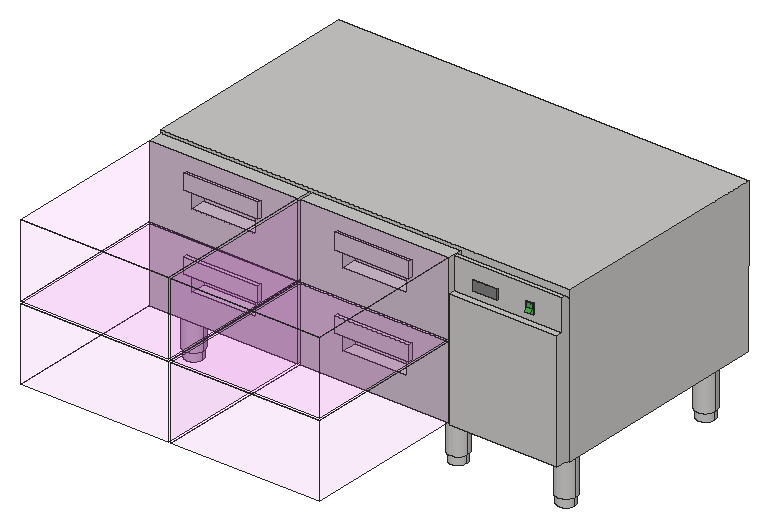
Revit family "QF_ELECTROLUXPROFESSIONAL_371295_E7TTBECOMIN", category Specialty Equipment, Revit 2023 (continued)
Lines and regions (mm)
  Split face 143
    outline origin (727.396, -348, 92.29) x (0, 0, -1) y (1, 0, 0)
      loop
        line (-85.004, -234.4) -> (-117.004, -234.4)
        arc (-117.004, -234.4) -> (-121.004, -238.41) -> (-116.984, -242.399) r 4
        line (-116.984, -242.399) -> (-85.025, -242.399)
  Split face 144
    outline origin (739.396, -348, 92.29) x (0, 0, -1) y (1, 0, 0)
      loop
        arc (-85.025, -242.399) -> (-81.004, -238.41) -> (-85.004, -234.4) r 4
        line (-85.004, -234.4) -> (-117.004, -234.4)
        arc (-117.004, -234.4) -> (-121.004, -238.41) -> (-116.984, -242.399) r 4
        line (-116.984, -242.399) -> (-85.025, -242.399)
  Split face 145
    outline origin (751.396, -348, 92.29) x (0, 0, -1) y (1, 0, 0)
      loop
        arc (-85.025, -242.399) -> (-81.004, -238.41) -> (-85.004, -234.4) r 4
        line (-85.004, -234.4) -> (-117.004, -234.4)
        arc (-117.004, -234.4) -> (-121.004, -238.41) -> (-116.984, -242.399) r 4
        line (-116.984, -242.399) -> (-85.025, -242.399)
  Split face 146
    outline origin (763.396, -348, 92.29) x (0, 0, -1) y (1, 0, 0)
      loop
        arc (-85.025, -242.399) -> (-81.004, -238.41) -> (-85.004, -234.4) r 4
        line (-85.004, -234.4) -> (-117.004, -234.4)
        arc (-117.004, -234.4) -> (-121.004, -238.41) -> (-116.984, -242.399) r 4
        line (-116.984, -242.399) -> (-85.025, -242.399)
  Split face 147
    outline origin (775.396, -348, 92.29) x (0, 0, -1) y (1, 0, 0)
      loop
        arc (-85.025, -242.399) -> (-81.004, -238.41) -> (-85.004, -234.4) r 4
        line (-85.004, -234.4) -> (-117.004, -234.4)
        arc (-117.004, -234.4) -> (-121.004, -238.41) -> (-116.984, -242.399) r 4
        line (-116.984, -242.399) -> (-85.025, -242.399)
  Split face 148
    outline origin (787.396, -348, 92.29) x (0, 0, -1) y (1, 0, 0)
      loop
        arc (-85.025, -242.399) -> (-81.004, -238.41) -> (-85.004, -234.4) r 4
        line (-85.004, -234.4) -> (-117.004, -234.4)
        arc (-117.004, -234.4) -> (-121.004, -238.41) -> (-116.984, -242.399) r 4
        line (-116.984, -242.399) -> (-85.025, -242.399)
  Split face 149
    outline origin (799.396, -348, 92.29) x (0, 0, -1) y (1, 0, 0)
      loop
        arc (-85.025, -242.399) -> (-81.004, -238.41) -> (-85.004, -234.4) r 4
        line (-85.004, -234.4) -> (-117.004, -234.4)
        arc (-117.004, -234.4) -> (-121.004, -238.41) -> (-116.984, -242.399) r 4
        line (-116.984, -242.399) -> (-85.025, -242.399)
  Split face 150
    outline origin (811.396, -348, 92.29) x (0, 0, -1) y (1, 0, 0)
      loop
        arc (-85.025, -242.399) -> (-81.004, -238.41) -> (-85.004, -234.4) r 4
        line (-85.004, -234.4) -> (-117.004, -234.4)
        arc (-117.004, -234.4) -> (-121.004, -238.41) -> (-116.984, -242.399) r 4
        line (-116.984, -242.399) -> (-85.025, -242.399)
  Split face 151
    outline origin (588.5, -348, 92.29) x (0, 0, -1) y (1, 0, 0)
      loop
        arc (-85.025, -282.599) -> (-81.004, -278.61) -> (-85.004, -274.599) r 4
        line (-85.004, -274.599) -> (-117.004, -274.599)
        arc (-117.004, -274.599) -> (-121.004, -278.61) -> (-116.984, -282.599) r 4
        line (-116.984, -282.599) -> (-85.025, -282.599)
  Split face 152
    outline origin (708.396, -348, 362.291) x (0, 0, -1) y (1, 0, 0)
      loop
        arc (-85.025, -282.599) -> (-81.004, -278.61) -> (-85.004, -274.599) r 4
        line (-85.004, -274.599) -> (-117.004, -274.599)
        arc (-117.004, -274.599) -> (-121.004, -278.61) -> (-116.984, -282.599) r 4
        line (-116.984, -282.599) -> (-85.025, -282.599)
  Split face 153
    outline origin (720.397, -348, 362.291) x (0, 0, -1) y (1, 0, 0)
      loop
        arc (-85.025, -282.599) -> (-81.004, -278.61) -> (-85.004, -274.599) r 4
        line (-85.004, -274.599) -> (-117.004, -274.599)
        arc (-117.004, -274.599) -> (-121.004, -278.61) -> (-116.984, -282.599) r 4
        line (-116.984, -282.599) -> (-85.025, -282.599)
  Split face 154
    outline origin (732.396, -348, 362.291) x (0, 0, -1) y (1, 0, 0)
      loop
        arc (-85.025, -282.599) -> (-81.004, -278.61) -> (-85.004, -274.599) r 4
        line (-85.004, -274.599) -> (-117.004, -274.599)
        arc (-117.004, -274.599) -> (-121.004, -278.61) -> (-116.984, -282.599) r 4
        line (-116.984, -282.599) -> (-85.025, -282.599)
  Split face 155
    outline origin (708.396, -348, 317.29) x (0, 0, -1) y (1, 0, 0)
      loop
        arc (-85.025, -282.599) -> (-81.004, -278.61) -> (-85.004, -274.599) r 4
        line (-85.004, -274.599) -> (-117.004, -274.599)
        arc (-117.004, -274.599) -> (-121.004, -278.61) -> (-116.984, -282.599) r 4
        line (-116.984, -282.599) -> (-85.025, -282.599)
  Split face 156
    outline origin (720.397, -348, 317.29) x (0, 0, -1) y (1, 0, 0)
      loop
        arc (-85.025, -282.599) -> (-81.004, -278.61) -> (-85.004, -274.599) r 4
        line (-85.004, -274.599) -> (-117.004, -274.599)
        arc (-117.004, -274.599) -> (-121.004, -278.61) -> (-116.984, -282.599) r 4
        line (-116.984, -282.599) -> (-85.025, -282.599)
  Split face 157
    outline origin (732.396, -348, 317.29) x (0, 0, -1) y (1, 0, 0)
      loop
        arc (-85.025, -282.599) -> (-81.004, -278.61) -> (-85.004, -274.599) r 4
        line (-85.004, -274.599) -> (-117.004, -274.599)
        arc (-117.004, -274.599) -> (-121.004, -278.61) -> (-116.984, -282.599) r 4
        line (-116.984, -282.599) -> (-85.025, -282.599)
  Split face 158
    outline origin (708.396, -348, 272.29) x (0, 0, -1) y (1, 0, 0)
      loop
        arc (-85.025, -282.599) -> (-81.004, -278.61) -> (-85.004, -274.599) r 4
        line (-85.004, -274.599) -> (-117.004, -274.599)
        arc (-117.004, -274.599) -> (-121.004, -278.61) -> (-116.984, -282.599) r 4
        line (-116.984, -282.599) -> (-85.025, -282.599)
  Split face 159
    outline origin (720.397, -348, 272.29) x (0, 0, -1) y (1, 0, 0)
      loop
        arc (-85.025, -282.599) -> (-81.004, -278.61) -> (-85.004, -274.599) r 4
        line (-85.004, -274.599) -> (-117.004, -274.599)
        arc (-117.004, -274.599) -> (-121.004, -278.61) -> (-116.984, -282.599) r 4
        line (-116.984, -282.599) -> (-85.025, -282.599)
  Split face 160
    outline origin (732.396, -348, 272.29) x (0, 0, -1) y (1, 0, 0)
      loop
        arc (-85.025, -282.599) -> (-81.004, -278.61) -> (-85.004, -274.599) r 4
        line (-85.004, -274.599) -> (-117.004, -274.599)
        arc (-117.004, -274.599) -> (-121.004, -278.61) -> (-116.984, -282.599) r 4
        line (-116.984, -282.599) -> (-85.025, -282.599)
  Split face 161
    outline origin (708.396, -348, 227.29) x (0, 0, -1) y (1, 0, 0)
      loop
        arc (-85.025, -282.599) -> (-81.004, -278.61) -> (-85.004, -274.599) r 4
        line (-85.004, -274.599) -> (-117.004, -274.599)
        arc (-117.004, -274.599) -> (-121.004, -278.61) -> (-116.984, -282.599) r 4
        line (-116.984, -282.599) -> (-85.025, -282.599)
  Split face 162
    outline origin (720.397, -348, 227.29) x (0, 0, -1) y (1, 0, 0)
      loop
        arc (-85.025, -282.599) -> (-81.004, -278.61) -> (-85.004, -274.599) r 4
        line (-85.004, -274.599) -> (-117.004, -274.599)
        arc (-117.004, -274.599) -> (-121.004, -278.61) -> (-116.984, -282.599) r 4
        line (-116.984, -282.599) -> (-85.025, -282.599)
  Split face 163
    outline origin (732.396, -348, 227.29) x (0, 0, -1) y (1, 0, 0)
      loop
        arc (-85.025, -282.599) -> (-81.004, -278.61) -> (-85.004, -274.599) r 4
        line (-85.004, -274.599) -> (-117.004, -274.599)
        arc (-117.004, -274.599) -> (-121.004, -278.61) -> (-116.984, -282.599) r 4
        line (-116.984, -282.599) -> (-85.025, -282.599)
  Split face 164
    outline origin (708.396, -348, 182.29) x (0, 0, -1) y (1, 0, 0)
      loop
        arc (-85.025, -282.599) -> (-81.004, -278.61) -> (-85.004, -274.599) r 4
        line (-85.004, -274.599) -> (-117.004, -274.599)
        arc (-117.004, -274.599) -> (-121.004, -278.61) -> (-116.984, -282.599) r 4
        line (-116.984, -282.599) -> (-85.025, -282.599)
  Split face 165
    outline origin (720.397, -348, 182.29) x (0, 0, -1) y (1, 0, 0)
      loop
        arc (-85.025, -282.599) -> (-81.004, -278.61) -> (-85.004, -274.599) r 4
        line (-85.004, -274.599) -> (-117.004, -274.599)
        arc (-117.004, -274.599) -> (-121.004, -278.61) -> (-116.984, -282.599) r 4
        line (-116.984, -282.599) -> (-85.025, -282.599)
  Split face 166
    outline origin (732.396, -348, 182.29) x (0, 0, -1) y (1, 0, 0)
      loop
        arc (-85.025, -282.599) -> (-81.004, -278.61) -> (-85.004, -274.599) r 4
        line (-85.004, -274.599) -> (-117.004, -274.599)
        arc (-117.004, -274.599) -> (-121.004, -278.61) -> (-116.984, -282.599) r 4
        line (-116.984, -282.599) -> (-85.025, -282.599)
  Split face 167
    outline origin (708.396, -348, 137.29) x (0, 0, -1) y (1, 0, 0)
      loop
        arc (-85.025, -282.599) -> (-81.004, -278.61) -> (-85.004, -274.599) r 4
        line (-85.004, -274.599) -> (-117.004, -274.599)
        arc (-117.004, -274.599) -> (-121.004, -278.61) -> (-116.984, -282.599) r 4
        line (-116.984, -282.599) -> (-85.025, -282.599)
  Split face 168
    outline origin (720.397, -348, 137.29) x (0, 0, -1) y (1, 0, 0)
      loop
        arc (-85.025, -282.599) -> (-81.004, -278.61) -> (-85.004, -274.599) r 4
        line (-85.004, -274.599) -> (-117.004, -274.599)
        arc (-117.004, -274.599) -> (-121.004, -278.61) -> (-116.984, -282.599) r 4
        line (-116.984, -282.599) -> (-85.025, -282.599)
  Split face 169
    outline origin (732.396, -348, 137.29) x (0, 0, -1) y (1, 0, 0)
      loop
        arc (-85.025, -282.599) -> (-81.004, -278.61) -> (-85.004, -274.599) r 4
        line (-85.004, -274.599) -> (-117.004, -274.599)
        arc (-117.004, -274.599) -> (-121.004, -278.61) -> (-116.984, -282.599) r 4
        line (-116.984, -282.599) -> (-85.025, -282.599)
  Split face 170
    outline origin (708.396, -348, 92.29) x (0, 0, -1) y (1, 0, 0)
      loop
        arc (-85.025, -282.599) -> (-81.004, -278.61) -> (-85.004, -274.599) r 4
        line (-85.004, -274.599) -> (-117.004, -274.599)
        arc (-117.004, -274.599) -> (-121.004, -278.61) -> (-116.984, -282.599) r 4
        line (-116.984, -282.599) -> (-85.025, -282.599)
  Split face 171
    outline origin (720.397, -348, 92.29) x (0, 0, -1) y (1, 0, 0)
      loop
        arc (-85.025, -282.599) -> (-81.004, -278.61) -> (-85.004, -274.599) r 4
        line (-85.004, -274.599) -> (-117.004, -274.599)
        arc (-117.004, -274.599) -> (-121.004, -278.61) -> (-116.984, -282.599) r 4
        line (-116.984, -282.599) -> (-85.025, -282.599)
  Split face 172
    outline origin (732.396, -348, 92.29) x (0, 0, -1) y (1, 0, 0)
      loop
        arc (-85.025, -282.599) -> (-81.004, -278.61) -> (-85.004, -274.599) r 4
        line (-85.004, -274.599) -> (-117.004, -274.599)
        arc (-117.004, -274.599) -> (-121.004, -278.61) -> (-116.984, -282.599) r 4
        line (-116.984, -282.599) -> (-85.025, -282.599)
  symbolic lines, style "SpecialityEquipmentHiddenLines"
    curve 1: line (-599, 350, 0) -> (599, 350, 0)
    curve 2: line (-599, -348, 0) -> (-599, 350, 0)
    curve 3: line (599, -348, 0) -> (-599, -348, 0)
    curve 4: line (599, 350, 0) -> (599, -348, 0)
    curve 17: line (-599, -303, 0) -> (599, -303, 0)
  symbolic lines, style "QF_Door-Drawer Clearances"
    curve 5: line (-575, -348, 0) -> (-575, -473, 0)
    curve 6: line (-180.999, -473, 0) -> (-180.999, -348, 0)
    curve 7: line (-132.499, -348, 0) -> (-132.499, -473, 0)
    curve 8: line (261.502, -473, 0) -> (261.502, -348, 0)
    curve 9: line (-595, -473, 0) -> (-160.999, -473, 0)
    curve 10: line (-152.499, -473, 0) -> (281.502, -473, 0)
    curve 11: line (-595, -513, 0) -> (-160.999, -513, 0)
    curve 12: line (-152.499, -513, 0) -> (281.502, -513, 0)
    curve 13: line (-160.999, -513, 0) -> (-160.999, -473, 0)
    curve 14: line (-152.499, -473, 0) -> (-152.499, -513, 0)
    curve 15: line (-595, -473, 0) -> (-595, -513, 0)
    curve 16: line (281.502, -513, 0) -> (281.502, -473, 0)
    curve 18: line (-575, -513, 0) -> (-575, -638, 0)
    curve 19: line (-180.999, -638, 0) -> (-180.999, -513, 0)
    curve 20: line (-132.499, -513, 0) -> (-132.499, -638, 0)
    curve 21: line (261.502, -638, 0) -> (261.502, -513, 0)
    curve 22: line (-595, -638, 0) -> (-160.999, -638, 0)
    curve 23: line (-152.499, -638, 0) -> (281.502, -638, 0)
    curve 24: line (-595, -678, 0) -> (-160.999, -678, 0)
    curve 25: line (-152.499, -678, 0) -> (281.502, -678, 0)
    curve 26: line (-160.999, -678, 0) -> (-160.999, -638, 0)
    curve 27: line (-152.499, -638, 0) -> (-152.499, -678, 0)
    curve 28: line (-595, -638, 0) -> (-595, -678, 0)
    curve 29: line (281.502, -678, 0) -> (281.502, -638, 0)
Dimensions and locks
  equal spacing: plane 6 "LEFT", plane 3 "Centro (Sinistra/Destra)", plane 7 "RIGHT"
  plane 6 "LEFT" to plane 7 "RIGHT" = 1200 mm
  equal spacing: plane 4 "BACK", plane 1 "Center X", plane 5 "FRONT"
  plane 4 "BACK" to plane 5 "FRONT" = 700 mm
  locked: plane 4 "BACK" to plane 8 at 653
  locked: plane 8 to plane 9 at 45
  locked: plane 6 "LEFT" to plane 10 at 55
  locked: plane 11 to plane 7 "RIGHT" at 55
  locked: plane 10 to plane 12 at 774
  locked: plane 4 "BACK" to plane 13 at 88
  locked: plane 14 to plane 9 at 99
  locked: plane 17 to plane 7 "RIGHT" at 1
  locked: plane 6 "LEFT" to plane 16 at 1
  plane 17 to plane 15 = 313 mm
  locked: plane 4 "BACK" to plane 18 at 160
  plane 19 to plane 7 "RIGHT" = 42 mm
  aligned and locked: level to plane 2
  aligned and locked: plane 10 to nested 1
  aligned and locked: nested 1 to plane 14
  aligned and locked: nested 2 to plane 13
  aligned and locked: plane 12 to nested 3
  aligned and locked: nested 4 to plane 12
  aligned and locked: plane 11 to nested 5
  aligned and locked: nested 6 to plane 11
  aligned and locked: Extrusion 1 sketch curve to plane 4 "BACK"
  aligned and locked: plane 8 to Extrusion 1 sketch curve
  aligned and locked: plane 17 to Extrusion 1
Automatic sketch dimensions
  curve 1 to plane 4 "BACK" = 0 mm
  curve 1 to plane 16 = 0 mm
  curve 5 to plane 9 = 0 mm
  curve 3 to plane 17 = 0 mm
  curve 17 to plane 8 = 0 mm
  plane 16 to curve 24 = 4 mm
  plane 16 to curve 15 = 4 mm
  curve 24 to plane 3 "Centro (Sinistra/Destra)" = 160.999 mm
  curve 13 to curve 22 = 0 mm
  curve 9 to curve 14 = 8.5 mm
  curve 24 to curve 25 = 8.5 mm
  curve 23 to plane 15 = 4.498 mm
  curve 16 to plane 15 = 4.498 mm
  curve 9 to plane 5 "FRONT" = 123 mm
  curve 9 to curve 10 = 0 mm
  curve 16 to curve 10 = 40 mm
  curve 15 to curve 9 = 40 mm
  curve 22 to curve 11 = 125 mm
  curve 22 to curve 23 = 0 mm
  curve 26 to curve 22 = 40 mm
  curve 25 to curve 23 = 40 mm
  curve 2 to curve 5 = 24 mm
  curve 11 to curve 18 = 20 mm
  curve 19 to curve 22 = 20 mm
  curve 6 to curve 9 = 20 mm
  curve 12 to curve 20 = 20 mm
  curve 10 to curve 7 = 20 mm
  curve 8 to plane 15 = 24.498 mm
  curve 21 to curve 23 = 20 mm
  Extrusion 1 sketch curve to plane 17 = 0 mm
  Extrusion 1 sketch curve to plane 16 = 0 mm
  Extrusion 2 sketch curve to plane 18 = 0 mm
  Extrusion 2 sketch curve to plane 19 = 0 mm
  plane 16 to Extrusion 3 sketch curve = 4 mm
  Extrusion 3 sketch curve to plane 21 = 45 mm
  Extrusion 3 sketch curve to plane 3 "Centro (Sinistra/Destra)" = 160.999 mm
  Extrusion 4 sketch curve to plane 21 = 45 mm
  Extrusion 4 sketch curve to plane 3 "Centro (Sinistra/Destra)" = 152.999 mm
  Extrusion 4 sketch curve to plane 15 = 4.998 mm
  plane 16 to Extrusion 5 sketch curve = 4 mm
  Extrusion 5 sketch curve to plane 3 "Centro (Sinistra/Destra)" = 160.999 mm
  Extrusion 5 sketch curve to plane 21 = 50 mm
  Extrusion 6 sketch curve to plane 3 "Centro (Sinistra/Destra)" = 152.999 mm
  Extrusion 6 sketch curve to plane 15 = 4.998 mm
  Extrusion 6 sketch curve to plane 21 = 50 mm
  Extrusion 7 sketch curve to plane 21 = 45 mm
  Extrusion 7 sketch curve to plane 3 "Centro (Sinistra/Destra)" = 160.999 mm
  plane 22 to Extrusion 7 sketch curve = 29.206 mm
  Extrusion 7 sketch curve to Extrusion 7 sketch curve = 123.7 mm
  plane 10 to Extrusion 7 sketch curve = 73.7 mm
  plane 16 to Extrusion 7 sketch curve = 4 mm
  Extrusion 7 sketch curve to Extrusion 7 sketch curve = 78.294 mm
  Extrusion 8 sketch curve to plane 9 = 0 mm
  Extrusion 8 sketch curve to plane 8 = 0 mm
  plane 9 to Extrusion 8 sketch curve = 16.901 mm
  Extrusion 8 sketch curve to Extrusion 8 sketch curve = 11.336 mm
  Extrusion 8 sketch curve to plane 8 = 15.163 mm
  Extrusion 8 sketch curve to plane 8 = 5.442 mm
  Extrusion 8 sketch curve to Extrusion 8 sketch curve = 4.796 mm
  plane 22 to Extrusion 8 sketch curve = 72.296 mm
  Extrusion 8 sketch curve to Extrusion 8 sketch curve = 11.467 mm
  Extrusion 8 to Extrusion 9 sketch curve = 42.198 mm
  Extrusion 9 sketch curve to Extrusion 8 = 20 mm
  Extrusion 8 to Extrusion 9 sketch curve = 102.899 mm
  Extrusion 9 sketch curve to Extrusion 9 sketch curve = 22 mm
  Extrusion 8 to Extrusion 10 sketch curve = 42.198 mm
  Extrusion 10 sketch curve to Extrusion 8 = 20 mm
  Extrusion 8 to Extrusion 10 sketch curve = 54.901 mm
  Extrusion 10 sketch curve to Extrusion 10 sketch curve = 70 mm
  Split face 1 sketch curve to Extrusion 10 = 5 mm
  Split face 1 sketch curve to Extrusion 10 = 9 mm
  Split face 1 sketch curve to Extrusion 10 = 10 mm  (x2)
  Split face 2 sketch curve to Extrusion 10 = 12.5 mm
  Split face 2 sketch curve to Extrusion 10 = 7 mm
  Split face 3 sketch curve to Extrusion 10 = 7.5 mm
  Split face 3 sketch curve to Extrusion 10 = 7 mm
  Split face 4 sketch curve to Extrusion 10 = 11.5 mm
  Split face 4 sketch curve to Extrusion 10 = 7 mm
  Split face 5 sketch curve to Extrusion 10 = 7.5 mm
  Split face 5 sketch curve to Extrusion 10 = 7 mm
  Split face 6 sketch curve to Extrusion 10 = 12.5 mm
  Split face 6 sketch curve to Extrusion 10 = 7 mm
  Split face 7 sketch curve to Extrusion 10 = 11.5 mm
  Split face 7 sketch curve to Extrusion 10 = 7 mm
  Split face 8 sketch curve to Extrusion 10 = 7.047 mm
  Split face 8 sketch curve to Extrusion 10 = 2.047 mm
  Split face 8 sketch curve to Extrusion 10 = 10 mm
  Split face 8 sketch curve to Split face 8 sketch curve = 11 mm
  Split face 9 sketch curve to Extrusion 10 = 7.047 mm
  Split face 9 sketch curve to Extrusion 10 = 2.047 mm
  Split face 9 sketch curve to Extrusion 10 = 23 mm
  Split face 9 sketch curve to Split face 9 sketch curve = 11 mm
  Split face 10 sketch curve to Extrusion 10 = 7.047 mm
  Split face 10 sketch curve to Extrusion 10 = 2.047 mm
  Split face 10 sketch curve to Extrusion 10 = 34 mm
  Split face 10 sketch curve to Split face 10 sketch curve = 11 mm
  Split face 11 sketch curve to Extrusion 10 = 7.047 mm
  Split face 11 sketch curve to Extrusion 10 = 2.047 mm
  Split face 11 sketch curve to Extrusion 10 = 21 mm
  Split face 11 sketch curve to Extrusion 10 = 10 mm
  Extrusion 11 sketch curve to Extrusion 11 sketch curve = 0 mm  (x3)
  Extrusion 11 sketch curve to Extrusion 9 = 0 mm
  Extrusion 9 to Extrusion 11 sketch curve = 2.279 mm
  Extrusion 11 sketch curve to Extrusion 11 sketch curve = 0.116 mm
  Extrusion 11 sketch curve to Extrusion 11 sketch curve = 12.105 mm
  Extrusion 9 to Extrusion 11 sketch curve = 3.692 mm
  Extrusion 9 to Extrusion 11 sketch curve = 2.395 mm
  Split face 12 sketch curve to Extrusion 8 = 20.5 mm
  Split face 12 sketch curve to Split face 12 sketch curve = 0.02 mm  (x2)
  Split face 12 sketch curve to Split face 12 sketch curve = 31.959 mm
  Split face 12 sketch curve to Extrusion 8 = 32.901 mm
  Split face 12 sketch curve to Split face 12 sketch curve = 4 mm
  Split face 13 sketch curve to Extrusion 8 = 20.5 mm
  Split face 13 sketch curve to Split face 13 sketch curve = 0.02 mm  (x2)
  Split face 13 sketch curve to Split face 13 sketch curve = 31.959 mm
  Split face 13 sketch curve to Extrusion 8 = 44.9 mm
  Split face 13 sketch curve to Split face 13 sketch curve = 4 mm
  Split face 14 sketch curve to Extrusion 8 = 20.5 mm
  Split face 14 sketch curve to Split face 14 sketch curve = 0.02 mm  (x2)
  Split face 14 sketch curve to Split face 14 sketch curve = 31.959 mm
  Split face 14 sketch curve to Extrusion 8 = 56.9 mm
  Split face 14 sketch curve to Split face 14 sketch curve = 4 mm
  Split face 15 sketch curve to Extrusion 8 = 20.5 mm
  Split face 15 sketch curve to Split face 15 sketch curve = 0.02 mm  (x2)
  Split face 15 sketch curve to Split face 15 sketch curve = 31.959 mm
  Split face 15 sketch curve to Extrusion 8 = 68.797 mm
  Split face 15 sketch curve to Split face 15 sketch curve = 4 mm
  Split face 16 sketch curve to Extrusion 8 = 20.5 mm
  Split face 16 sketch curve to Split face 16 sketch curve = 0.02 mm  (x2)
  Split face 16 sketch curve to Split face 16 sketch curve = 31.959 mm
  Split face 16 sketch curve to Extrusion 8 = 80.797 mm
  Split face 16 sketch curve to Split face 16 sketch curve = 4 mm
  Split face 17 sketch curve to Extrusion 8 = 20.5 mm
  Split face 17 sketch curve to Split face 17 sketch curve = 0.02 mm  (x2)
  Split face 17 sketch curve to Split face 17 sketch curve = 31.959 mm
  Split face 17 sketch curve to Extrusion 8 = 92.797 mm
  Split face 17 sketch curve to Split face 17 sketch curve = 4 mm
  Split face 18 sketch curve to Extrusion 8 = 20.5 mm
  Split face 18 sketch curve to Split face 18 sketch curve = 0.02 mm  (x2)
  Split face 18 sketch curve to Split face 18 sketch curve = 31.959 mm
  Split face 18 sketch curve to Extrusion 8 = 104.797 mm
  Split face 18 sketch curve to Split face 18 sketch curve = 4 mm
  Split face 19 sketch curve to Extrusion 8 = 20.5 mm
  Split face 19 sketch curve to Split face 19 sketch curve = 0.02 mm  (x2)
  Split face 19 sketch curve to Split face 19 sketch curve = 31.959 mm
  Split face 19 sketch curve to Extrusion 8 = 116.797 mm
  Split face 19 sketch curve to Split face 19 sketch curve = 4 mm
  Split face 20 sketch curve to Extrusion 8 = 20.5 mm
  Split face 20 sketch curve to Split face 20 sketch curve = 0.02 mm  (x2)
  Split face 20 sketch curve to Split face 20 sketch curve = 31.959 mm
  Split face 20 sketch curve to Extrusion 8 = 128.797 mm
  Split face 20 sketch curve to Split face 20 sketch curve = 4 mm
  Split face 21 sketch curve to Extrusion 8 = 20.5 mm
  Split face 21 sketch curve to Split face 21 sketch curve = 0.02 mm  (x2)
  Split face 21 sketch curve to Split face 21 sketch curve = 31.959 mm
  Split face 21 sketch curve to Extrusion 8 = 137.003 mm
  Split face 21 sketch curve to Split face 21 sketch curve = 4 mm
  Split face 22 sketch curve to Extrusion 8 = 20.5 mm
  Split face 22 sketch curve to Split face 22 sketch curve = 0.02 mm  (x2)
  Split face 22 sketch curve to Split face 22 sketch curve = 31.959 mm
  Split face 22 sketch curve to Extrusion 8 = 125.004 mm
  Split face 22 sketch curve to Split face 22 sketch curve = 4 mm
  Split face 23 sketch curve to Extrusion 8 = 20.5 mm
  Split face 23 sketch curve to Split face 23 sketch curve = 0.02 mm  (x2)
  Split face 23 sketch curve to Split face 23 sketch curve = 31.959 mm
  Split face 23 sketch curve to Extrusion 8 = 113.003 mm
  Split face 23 sketch curve to Split face 23 sketch curve = 4 mm
  Split face 24 sketch curve to Extrusion 8 = 20.5 mm
  Split face 24 sketch curve to Split face 24 sketch curve = 0.02 mm  (x2)
  Split face 24 sketch curve to Split face 24 sketch curve = 31.959 mm
  Split face 24 sketch curve to Extrusion 8 = 101.003 mm
  Split face 24 sketch curve to Split face 24 sketch curve = 4 mm
  Split face 25 sketch curve to Extrusion 8 = 20.5 mm
  Split face 25 sketch curve to Split face 25 sketch curve = 0.02 mm  (x2)
  Split face 25 sketch curve to Split face 25 sketch curve = 31.959 mm
  Split face 25 sketch curve to Extrusion 8 = 89.003 mm
  Split face 25 sketch curve to Split face 25 sketch curve = 4 mm
  Split face 26 sketch curve to Extrusion 8 = 20.5 mm
  Split face 26 sketch curve to Split face 26 sketch curve = 0.02 mm  (x2)
  Split face 26 sketch curve to Split face 26 sketch curve = 31.959 mm
  Split face 26 sketch curve to Extrusion 8 = 77.004 mm
  Split face 26 sketch curve to Split face 26 sketch curve = 4 mm
  Split face 27 sketch curve to Extrusion 8 = 20.5 mm
  Split face 27 sketch curve to Split face 27 sketch curve = 0.02 mm  (x2)
  Split face 27 sketch curve to Split face 27 sketch curve = 31.959 mm
  Split face 27 sketch curve to Extrusion 8 = 65.003 mm
  Split face 27 sketch curve to Split face 27 sketch curve = 4 mm
  Split face 28 sketch curve to Extrusion 8 = 20.5 mm
  Split face 28 sketch curve to Split face 28 sketch curve = 0.02 mm  (x2)
  Split face 28 sketch curve to Split face 28 sketch curve = 31.959 mm
  Split face 28 sketch curve to Extrusion 8 = 53.004 mm
  Split face 28 sketch curve to Split face 28 sketch curve = 4 mm
  Split face 29 sketch curve to Extrusion 8 = 20.5 mm
  Split face 29 sketch curve to Split face 29 sketch curve = 0.02 mm  (x2)
  Split face 29 sketch curve to Split face 29 sketch curve = 31.959 mm
  Split face 29 sketch curve to Extrusion 8 = 41.004 mm
  Split face 29 sketch curve to Split face 29 sketch curve = 4 mm
  Split face 30 sketch curve to Extrusion 8 = 20.5 mm
  Split face 30 sketch curve to Split face 30 sketch curve = 0.02 mm  (x2)
  Split face 30 sketch curve to Split face 30 sketch curve = 31.959 mm
  Split face 30 sketch curve to Extrusion 8 = 29.004 mm
  Split face 30 sketch curve to Split face 30 sketch curve = 4 mm
  Split face 31 sketch curve to Extrusion 8 = 20.5 mm
  Split face 31 sketch curve to Split face 31 sketch curve = 0.02 mm  (x2)
  Split face 31 sketch curve to Split face 31 sketch curve = 31.959 mm
  Split face 31 sketch curve to Extrusion 8 = 20.901 mm
  Split face 31 sketch curve to Split face 31 sketch curve = 4 mm
  Split face 32 sketch curve to Extrusion 8 = 65.502 mm
  Split face 32 sketch curve to Split face 32 sketch curve = 0.02 mm  (x2)
  Split face 32 sketch curve to Split face 32 sketch curve = 31.959 mm
  Split face 32 sketch curve to Extrusion 8 = 32.901 mm
  Split face 32 sketch curve to Split face 32 sketch curve = 4 mm
  Split face 33 sketch curve to Extrusion 8 = 65.502 mm
  Split face 33 sketch curve to Split face 33 sketch curve = 0.02 mm  (x2)
  Split face 33 sketch curve to Split face 33 sketch curve = 31.959 mm
  Split face 33 sketch curve to Extrusion 8 = 44.9 mm
  Split face 33 sketch curve to Split face 33 sketch curve = 4 mm
  Split face 34 sketch curve to Extrusion 8 = 65.502 mm
  Split face 34 sketch curve to Split face 34 sketch curve = 0.02 mm  (x2)
  Split face 34 sketch curve to Split face 34 sketch curve = 31.959 mm
  Split face 34 sketch curve to Extrusion 8 = 56.9 mm
  Split face 34 sketch curve to Split face 34 sketch curve = 4 mm
  Split face 35 sketch curve to Extrusion 8 = 65.502 mm
  Split face 35 sketch curve to Split face 35 sketch curve = 0.02 mm  (x2)
  Split face 35 sketch curve to Split face 35 sketch curve = 31.959 mm
  Split face 35 sketch curve to Extrusion 8 = 68.797 mm
  Split face 35 sketch curve to Split face 35 sketch curve = 4 mm
  Split face 36 sketch curve to Extrusion 8 = 65.502 mm
  Split face 36 sketch curve to Split face 36 sketch curve = 0.02 mm  (x2)
  Split face 36 sketch curve to Split face 36 sketch curve = 31.959 mm
  Split face 36 sketch curve to Extrusion 8 = 80.797 mm
  Split face 36 sketch curve to Split face 36 sketch curve = 4 mm
  Split face 37 sketch curve to Extrusion 8 = 65.502 mm
  Split face 37 sketch curve to Split face 37 sketch curve = 0.02 mm  (x2)
  Split face 37 sketch curve to Split face 37 sketch curve = 31.959 mm
  Split face 37 sketch curve to Extrusion 8 = 92.797 mm
  Split face 37 sketch curve to Split face 37 sketch curve = 4 mm
  Split face 38 sketch curve to Extrusion 8 = 65.502 mm
  Split face 38 sketch curve to Split face 38 sketch curve = 0.02 mm  (x2)
  Split face 38 sketch curve to Split face 38 sketch curve = 31.959 mm
  Split face 38 sketch curve to Extrusion 8 = 104.797 mm
  Split face 38 sketch curve to Split face 38 sketch curve = 4 mm
  Split face 39 sketch curve to Extrusion 8 = 65.502 mm
  Split face 39 sketch curve to Split face 39 sketch curve = 0.02 mm  (x2)
  Split face 39 sketch curve to Split face 39 sketch curve = 31.959 mm
  Split face 39 sketch curve to Extrusion 8 = 116.797 mm
  Split face 39 sketch curve to Split face 39 sketch curve = 4 mm
  Split face 40 sketch curve to Extrusion 8 = 65.502 mm
  Split face 40 sketch curve to Split face 40 sketch curve = 0.02 mm  (x2)
  Split face 40 sketch curve to Split face 40 sketch curve = 31.959 mm
  Split face 40 sketch curve to Extrusion 8 = 128.797 mm
  Split face 40 sketch curve to Split face 40 sketch curve = 4 mm
  Split face 41 sketch curve to Extrusion 8 = 65.502 mm
  Split face 41 sketch curve to Split face 41 sketch curve = 0.02 mm  (x2)
  Split face 41 sketch curve to Split face 41 sketch curve = 31.959 mm
  Split face 41 sketch curve to Extrusion 8 = 137.003 mm
  Split face 41 sketch curve to Split face 41 sketch curve = 4 mm
  Split face 42 sketch curve to Extrusion 8 = 65.502 mm
  Split face 42 sketch curve to Split face 42 sketch curve = 0.02 mm  (x2)
  Split face 42 sketch curve to Split face 42 sketch curve = 31.959 mm
  Split face 42 sketch curve to Extrusion 8 = 125.004 mm
  Split face 42 sketch curve to Split face 42 sketch curve = 4 mm
  Split face 43 sketch curve to Extrusion 8 = 65.502 mm
  Split face 43 sketch curve to Split face 43 sketch curve = 0.02 mm  (x2)
  Split face 43 sketch curve to Split face 43 sketch curve = 31.959 mm
  Split face 43 sketch curve to Extrusion 8 = 113.003 mm
  Split face 43 sketch curve to Split face 43 sketch curve = 4 mm
  Split face 44 sketch curve to Extrusion 8 = 65.502 mm
  Split face 44 sketch curve to Split face 44 sketch curve = 0.02 mm  (x2)
  Split face 44 sketch curve to Split face 44 sketch curve = 31.959 mm
  Split face 44 sketch curve to Extrusion 8 = 101.003 mm
  Split face 44 sketch curve to Split face 44 sketch curve = 4 mm
  Split face 45 sketch curve to Extrusion 8 = 65.502 mm
  Split face 45 sketch curve to Split face 45 sketch curve = 0.02 mm  (x2)
  Split face 45 sketch curve to Split face 45 sketch curve = 31.959 mm
  Split face 45 sketch curve to Extrusion 8 = 89.003 mm
  Split face 45 sketch curve to Split face 45 sketch curve = 4 mm
  Split face 46 sketch curve to Extrusion 8 = 65.502 mm
  Split face 46 sketch curve to Split face 46 sketch curve = 0.02 mm  (x2)
  Split face 46 sketch curve to Split face 46 sketch curve = 31.959 mm
  Split face 46 sketch curve to Extrusion 8 = 77.004 mm
  Split face 46 sketch curve to Split face 46 sketch curve = 4 mm
  Split face 47 sketch curve to Extrusion 8 = 65.502 mm
  Split face 47 sketch curve to Split face 47 sketch curve = 0.02 mm  (x2)
  Split face 47 sketch curve to Split face 47 sketch curve = 31.959 mm
  Split face 47 sketch curve to Extrusion 8 = 65.003 mm
  Split face 47 sketch curve to Split face 47 sketch curve = 4 mm
  Split face 48 sketch curve to Extrusion 8 = 65.502 mm
  Split face 48 sketch curve to Split face 48 sketch curve = 0.02 mm  (x2)
  Split face 48 sketch curve to Split face 48 sketch curve = 31.959 mm
  Split face 48 sketch curve to Extrusion 8 = 53.004 mm
  Split face 48 sketch curve to Split face 48 sketch curve = 4 mm
  Split face 49 sketch curve to Extrusion 8 = 65.502 mm
  Split face 49 sketch curve to Split face 49 sketch curve = 0.02 mm  (x2)
  Split face 49 sketch curve to Split face 49 sketch curve = 31.959 mm
  Split face 49 sketch curve to Extrusion 8 = 41.004 mm
  Split face 49 sketch curve to Split face 49 sketch curve = 4 mm
  Split face 50 sketch curve to Extrusion 8 = 25.004 mm
  Split face 50 sketch curve to Extrusion 8 = 65.502 mm
  Split face 50 sketch curve to Split face 50 sketch curve = 0.02 mm  (x2)
  Split face 50 sketch curve to Split face 50 sketch curve = 31.959 mm
  Split face 50 sketch curve to Split face 50 sketch curve = 4 mm
  Split face 51 sketch curve to Extrusion 8 = 24.901 mm
  Split face 51 sketch curve to Extrusion 8 = 65.502 mm
  Split face 51 sketch curve to Split face 51 sketch curve = 0.02 mm  (x2)
  Split face 51 sketch curve to Split face 51 sketch curve = 31.959 mm
  Split face 51 sketch curve to Split face 51 sketch curve = 4 mm
  Split face 52 sketch curve to Extrusion 8 = 36.901 mm
  Split face 52 sketch curve to Extrusion 8 = 110.502 mm
  Split face 52 sketch curve to Split face 52 sketch curve = 0.02 mm  (x2)
  Split face 52 sketch curve to Split face 52 sketch curve = 31.959 mm
  Split face 52 sketch curve to Split face 52 sketch curve = 4 mm
  Split face 53 sketch curve to Extrusion 8 = 48.9 mm
  Split face 53 sketch curve to Extrusion 8 = 110.502 mm
  Split face 53 sketch curve to Split face 53 sketch curve = 0.02 mm  (x2)
  Split face 53 sketch curve to Split face 53 sketch curve = 31.959 mm
  Split face 53 sketch curve to Split face 53 sketch curve = 4 mm
  Split face 54 sketch curve to Extrusion 8 = 110.502 mm
  Split face 54 sketch curve to Split face 54 sketch curve = 0.02 mm  (x2)
  Split face 54 sketch curve to Split face 54 sketch curve = 31.959 mm
  Split face 54 sketch curve to Extrusion 8 = 56.9 mm
  Split face 54 sketch curve to Split face 54 sketch curve = 4 mm
  Split face 55 sketch curve to Extrusion 8 = 110.502 mm
  Split face 55 sketch curve to Split face 55 sketch curve = 0.02 mm  (x2)
  Split face 55 sketch curve to Split face 55 sketch curve = 31.959 mm
  Split face 55 sketch curve to Extrusion 8 = 68.797 mm
  Split face 55 sketch curve to Split face 55 sketch curve = 4 mm
  Split face 56 sketch curve to Extrusion 8 = 110.502 mm
  Split face 56 sketch curve to Split face 56 sketch curve = 0.02 mm  (x2)
  Split face 56 sketch curve to Split face 56 sketch curve = 31.959 mm
  Split face 56 sketch curve to Extrusion 8 = 80.797 mm
  Split face 56 sketch curve to Split face 56 sketch curve = 4 mm
  Split face 57 sketch curve to Extrusion 8 = 110.502 mm
  Split face 57 sketch curve to Split face 57 sketch curve = 0.02 mm  (x2)
  Split face 57 sketch curve to Split face 57 sketch curve = 31.959 mm
  Split face 57 sketch curve to Extrusion 8 = 92.797 mm
  Split face 57 sketch curve to Split face 57 sketch curve = 4 mm
  Split face 58 sketch curve to Extrusion 8 = 110.502 mm
  Split face 58 sketch curve to Split face 58 sketch curve = 0.02 mm  (x2)
  Split face 58 sketch curve to Split face 58 sketch curve = 31.959 mm
  Split face 58 sketch curve to Extrusion 8 = 104.797 mm
  Split face 58 sketch curve to Split face 58 sketch curve = 4 mm
  Split face 59 sketch curve to Extrusion 8 = 110.502 mm
  Split face 59 sketch curve to Split face 59 sketch curve = 0.02 mm  (x2)
  Split face 59 sketch curve to Split face 59 sketch curve = 31.959 mm
  Split face 59 sketch curve to Extrusion 8 = 116.797 mm
  Split face 59 sketch curve to Split face 59 sketch curve = 4 mm
  Split face 60 sketch curve to Extrusion 8 = 110.502 mm
  Split face 60 sketch curve to Split face 60 sketch curve = 0.02 mm  (x2)
  Split face 60 sketch curve to Split face 60 sketch curve = 31.959 mm
  Split face 60 sketch curve to Extrusion 8 = 128.797 mm
  Split face 60 sketch curve to Split face 60 sketch curve = 4 mm
  Split face 61 sketch curve to Extrusion 8 = 110.502 mm
  Split face 61 sketch curve to Split face 61 sketch curve = 0.02 mm  (x2)
  Split face 61 sketch curve to Split face 61 sketch curve = 31.959 mm
  Split face 61 sketch curve to Extrusion 8 = 137.003 mm
  Split face 61 sketch curve to Split face 61 sketch curve = 4 mm
  Split face 62 sketch curve to Extrusion 8 = 110.502 mm
  Split face 62 sketch curve to Split face 62 sketch curve = 0.02 mm  (x2)
  Split face 62 sketch curve to Split face 62 sketch curve = 31.959 mm
  Split face 62 sketch curve to Extrusion 8 = 125.004 mm
  Split face 62 sketch curve to Split face 62 sketch curve = 4 mm
  Split face 63 sketch curve to Extrusion 8 = 110.502 mm
  Split face 63 sketch curve to Split face 63 sketch curve = 0.02 mm  (x2)
  Split face 63 sketch curve to Split face 63 sketch curve = 31.959 mm
  Split face 63 sketch curve to Extrusion 8 = 113.003 mm
  Split face 63 sketch curve to Split face 63 sketch curve = 4 mm
  Split face 64 sketch curve to Extrusion 8 = 110.502 mm
  Split face 64 sketch curve to Split face 64 sketch curve = 0.02 mm  (x2)
  Split face 64 sketch curve to Split face 64 sketch curve = 31.959 mm
  Split face 64 sketch curve to Extrusion 8 = 101.003 mm
  Split face 64 sketch curve to Split face 64 sketch curve = 4 mm
  Split face 65 sketch curve to Extrusion 8 = 110.502 mm
  Split face 65 sketch curve to Split face 65 sketch curve = 0.02 mm  (x2)
  Split face 65 sketch curve to Split face 65 sketch curve = 31.959 mm
  Split face 65 sketch curve to Extrusion 8 = 89.003 mm
  Split face 65 sketch curve to Split face 65 sketch curve = 4 mm
  Split face 66 sketch curve to Extrusion 8 = 110.502 mm
  Split face 66 sketch curve to Split face 66 sketch curve = 0.02 mm  (x2)
  Split face 66 sketch curve to Split face 66 sketch curve = 31.959 mm
  Split face 66 sketch curve to Extrusion 8 = 77.004 mm
  Split face 66 sketch curve to Split face 66 sketch curve = 4 mm
  Split face 67 sketch curve to Extrusion 8 = 110.502 mm
  Split face 67 sketch curve to Split face 67 sketch curve = 0.02 mm  (x2)
  Split face 67 sketch curve to Split face 67 sketch curve = 31.959 mm
  Split face 67 sketch curve to Extrusion 8 = 65.003 mm
  Split face 67 sketch curve to Split face 67 sketch curve = 4 mm
  Split face 68 sketch curve to Extrusion 8 = 49.004 mm
  Split face 68 sketch curve to Extrusion 8 = 110.502 mm
  Split face 68 sketch curve to Split face 68 sketch curve = 0.02 mm  (x2)
  Split face 68 sketch curve to Split face 68 sketch curve = 31.959 mm
  Split face 68 sketch curve to Split face 68 sketch curve = 4 mm
  Split face 69 sketch curve to Extrusion 8 = 37.004 mm
  Split face 69 sketch curve to Extrusion 8 = 110.502 mm
  Split face 69 sketch curve to Split face 69 sketch curve = 0.02 mm  (x2)
  Split face 69 sketch curve to Split face 69 sketch curve = 31.959 mm
  Split face 69 sketch curve to Split face 69 sketch curve = 4 mm
  Split face 70 sketch curve to Extrusion 8 = 25.004 mm
  Split face 70 sketch curve to Extrusion 8 = 110.502 mm
  Split face 70 sketch curve to Split face 70 sketch curve = 0.02 mm  (x2)
  Split face 70 sketch curve to Split face 70 sketch curve = 31.959 mm
  Split face 70 sketch curve to Split face 70 sketch curve = 4 mm
  Split face 71 sketch curve to Extrusion 8 = 24.901 mm
  Split face 71 sketch curve to Extrusion 8 = 110.502 mm
  Split face 71 sketch curve to Split face 71 sketch curve = 0.02 mm  (x2)
  Split face 71 sketch curve to Split face 71 sketch curve = 31.959 mm
  Split face 71 sketch curve to Split face 71 sketch curve = 4 mm
  Split face 72 sketch curve to Extrusion 8 = 36.901 mm
  Split face 72 sketch curve to Extrusion 8 = 155.502 mm
  Split face 72 sketch curve to Split face 72 sketch curve = 0.02 mm  (x2)
  Split face 72 sketch curve to Split face 72 sketch curve = 31.959 mm
  Split face 72 sketch curve to Split face 72 sketch curve = 4 mm
  Split face 73 sketch curve to Extrusion 8 = 48.9 mm
  Split face 73 sketch curve to Extrusion 8 = 155.502 mm
  Split face 73 sketch curve to Split face 73 sketch curve = 0.02 mm  (x2)
  Split face 73 sketch curve to Split face 73 sketch curve = 31.959 mm
  Split face 73 sketch curve to Split face 73 sketch curve = 4 mm
  Split face 74 sketch curve to Extrusion 8 = 60.9 mm
  Split face 74 sketch curve to Extrusion 8 = 155.502 mm
  Split face 74 sketch curve to Split face 74 sketch curve = 0.02 mm  (x2)
  Split face 74 sketch curve to Split face 74 sketch curve = 31.959 mm
  Split face 74 sketch curve to Split face 74 sketch curve = 4 mm
  Split face 75 sketch curve to Extrusion 8 = 72.797 mm
  Split face 75 sketch curve to Extrusion 8 = 155.502 mm
  Split face 75 sketch curve to Split face 75 sketch curve = 0.02 mm  (x2)
  Split face 75 sketch curve to Split face 75 sketch curve = 31.959 mm
  Split face 75 sketch curve to Split face 75 sketch curve = 4 mm
  Split face 76 sketch curve to Extrusion 8 = 155.502 mm
  Split face 76 sketch curve to Split face 76 sketch curve = 0.02 mm  (x2)
  Split face 76 sketch curve to Split face 76 sketch curve = 31.959 mm
  Split face 76 sketch curve to Extrusion 8 = 80.797 mm
  Split face 76 sketch curve to Split face 76 sketch curve = 4 mm
  Split face 77 sketch curve to Extrusion 8 = 155.502 mm
  Split face 77 sketch curve to Split face 77 sketch curve = 0.02 mm  (x2)
  Split face 77 sketch curve to Split face 77 sketch curve = 31.959 mm
  Split face 77 sketch curve to Extrusion 8 = 92.797 mm
  Split face 77 sketch curve to Split face 77 sketch curve = 4 mm
  Split face 78 sketch curve to Extrusion 8 = 155.502 mm
  Split face 78 sketch curve to Split face 78 sketch curve = 0.02 mm  (x2)
  Split face 78 sketch curve to Split face 78 sketch curve = 31.959 mm
  Split face 78 sketch curve to Extrusion 8 = 104.797 mm
  Split face 78 sketch curve to Split face 78 sketch curve = 4 mm
  Split face 79 sketch curve to Extrusion 8 = 155.502 mm
  Split face 79 sketch curve to Split face 79 sketch curve = 0.02 mm  (x2)
  Split face 79 sketch curve to Split face 79 sketch curve = 31.959 mm
  Split face 79 sketch curve to Extrusion 8 = 116.797 mm
  Split face 79 sketch curve to Split face 79 sketch curve = 4 mm
  Split face 80 sketch curve to Extrusion 8 = 155.502 mm
  Split face 80 sketch curve to Split face 80 sketch curve = 0.02 mm  (x2)
  Split face 80 sketch curve to Split face 80 sketch curve = 31.959 mm
  Split face 80 sketch curve to Extrusion 8 = 128.797 mm
  Split face 80 sketch curve to Split face 80 sketch curve = 4 mm
  Split face 81 sketch curve to Extrusion 8 = 155.502 mm
  Split face 81 sketch curve to Split face 81 sketch curve = 0.02 mm  (x2)
  Split face 81 sketch curve to Split face 81 sketch curve = 31.959 mm
  Split face 81 sketch curve to Extrusion 8 = 137.003 mm
  Split face 81 sketch curve to Split face 81 sketch curve = 4 mm
  Split face 82 sketch curve to Extrusion 8 = 155.502 mm
  Split face 82 sketch curve to Split face 82 sketch curve = 0.02 mm  (x2)
  Split face 82 sketch curve to Split face 82 sketch curve = 31.959 mm
  Split face 82 sketch curve to Extrusion 8 = 125.004 mm
  Split face 82 sketch curve to Split face 82 sketch curve = 4 mm
  Split face 83 sketch curve to Extrusion 8 = 155.502 mm
  Split face 83 sketch curve to Split face 83 sketch curve = 0.02 mm  (x2)
  Split face 83 sketch curve to Split face 83 sketch curve = 31.959 mm
  Split face 83 sketch curve to Extrusion 8 = 113.003 mm
  Split face 83 sketch curve to Split face 83 sketch curve = 4 mm
  Split face 84 sketch curve to Extrusion 8 = 155.502 mm
  Split face 84 sketch curve to Split face 84 sketch curve = 0.02 mm  (x2)
  Split face 84 sketch curve to Split face 84 sketch curve = 31.959 mm
  Split face 84 sketch curve to Extrusion 8 = 101.003 mm
  Split face 84 sketch curve to Split face 84 sketch curve = 4 mm
  Split face 85 sketch curve to Extrusion 8 = 155.502 mm
  Split face 85 sketch curve to Split face 85 sketch curve = 0.02 mm  (x2)
  Split face 85 sketch curve to Split face 85 sketch curve = 31.959 mm
  Split face 85 sketch curve to Extrusion 8 = 89.003 mm
  Split face 85 sketch curve to Split face 85 sketch curve = 4 mm
  Split face 86 sketch curve to Extrusion 8 = 73.004 mm
  Split face 86 sketch curve to Extrusion 8 = 155.502 mm
  Split face 86 sketch curve to Split face 86 sketch curve = 0.02 mm  (x2)
  Split face 86 sketch curve to Split face 86 sketch curve = 31.959 mm
  Split face 86 sketch curve to Split face 86 sketch curve = 4 mm
  Split face 87 sketch curve to Extrusion 8 = 61.003 mm
  Split face 87 sketch curve to Extrusion 8 = 155.502 mm
  Split face 87 sketch curve to Split face 87 sketch curve = 0.02 mm  (x2)
  Split face 87 sketch curve to Split face 87 sketch curve = 31.959 mm
  Split face 87 sketch curve to Split face 87 sketch curve = 4 mm
  Split face 88 sketch curve to Extrusion 8 = 49.004 mm
  Split face 88 sketch curve to Extrusion 8 = 155.502 mm
  Split face 88 sketch curve to Split face 88 sketch curve = 0.02 mm  (x2)
  Split face 88 sketch curve to Split face 88 sketch curve = 31.959 mm
  Split face 88 sketch curve to Split face 88 sketch curve = 4 mm
  Split face 89 sketch curve to Extrusion 8 = 37.004 mm
  Split face 89 sketch curve to Extrusion 8 = 155.502 mm
  Split face 89 sketch curve to Split face 89 sketch curve = 0.02 mm  (x2)
  Split face 89 sketch curve to Split face 89 sketch curve = 31.959 mm
  Split face 89 sketch curve to Split face 89 sketch curve = 4 mm
  Split face 90 sketch curve to Extrusion 8 = 25.004 mm
  Split face 90 sketch curve to Extrusion 8 = 155.502 mm
  Split face 90 sketch curve to Split face 90 sketch curve = 0.02 mm  (x2)
  Split face 90 sketch curve to Split face 90 sketch curve = 31.959 mm
  Split face 90 sketch curve to Split face 90 sketch curve = 4 mm
  Split face 91 sketch curve to Extrusion 8 = 24.901 mm
  Split face 91 sketch curve to Extrusion 8 = 155.502 mm
  Split face 91 sketch curve to Split face 91 sketch curve = 0.02 mm  (x2)
  Split face 91 sketch curve to Split face 91 sketch curve = 31.959 mm
  Split face 91 sketch curve to Split face 91 sketch curve = 4 mm
  Split face 92 sketch curve to Extrusion 8 = 36.901 mm
  Split face 92 sketch curve to Extrusion 8 = 144.498 mm
  Split face 92 sketch curve to Split face 92 sketch curve = 0.02 mm  (x2)
  Split face 92 sketch curve to Split face 92 sketch curve = 31.959 mm
  Split face 92 sketch curve to Split face 92 sketch curve = 4 mm
  Split face 93 sketch curve to Extrusion 8 = 48.9 mm
  Split face 93 sketch curve to Extrusion 8 = 144.498 mm
  Split face 93 sketch curve to Split face 93 sketch curve = 0.02 mm  (x2)
  Split face 93 sketch curve to Split face 93 sketch curve = 31.959 mm
  Split face 93 sketch curve to Split face 93 sketch curve = 4 mm
  Split face 94 sketch curve to Extrusion 8 = 60.9 mm
  Split face 94 sketch curve to Extrusion 8 = 144.498 mm
  Split face 94 sketch curve to Split face 94 sketch curve = 0.02 mm  (x2)
  Split face 94 sketch curve to Split face 94 sketch curve = 31.959 mm
  Split face 94 sketch curve to Split face 94 sketch curve = 4 mm
  Split face 95 sketch curve to Extrusion 8 = 144.498 mm
  Split face 95 sketch curve to Split face 95 sketch curve = 0.02 mm  (x2)
  Split face 95 sketch curve to Split face 95 sketch curve = 31.959 mm
  Split face 95 sketch curve to Extrusion 8 = 68.797 mm
  Split face 95 sketch curve to Split face 95 sketch curve = 4 mm
  Split face 96 sketch curve to Extrusion 8 = 144.498 mm
  Split face 96 sketch curve to Split face 96 sketch curve = 0.02 mm  (x2)
  Split face 96 sketch curve to Split face 96 sketch curve = 31.959 mm
  Split face 96 sketch curve to Extrusion 8 = 80.797 mm
  Split face 96 sketch curve to Split face 96 sketch curve = 4 mm
  Split face 97 sketch curve to Extrusion 8 = 144.498 mm
  Split face 97 sketch curve to Split face 97 sketch curve = 0.02 mm  (x2)
  Split face 97 sketch curve to Split face 97 sketch curve = 31.959 mm
  Split face 97 sketch curve to Extrusion 8 = 92.797 mm
  Split face 97 sketch curve to Split face 97 sketch curve = 4 mm
  Split face 98 sketch curve to Extrusion 8 = 144.498 mm
  Split face 98 sketch curve to Split face 98 sketch curve = 0.02 mm  (x2)
  Split face 98 sketch curve to Split face 98 sketch curve = 31.959 mm
  Split face 98 sketch curve to Extrusion 8 = 104.797 mm
  Split face 98 sketch curve to Split face 98 sketch curve = 4 mm
  Split face 99 sketch curve to Extrusion 8 = 144.498 mm
  Split face 99 sketch curve to Split face 99 sketch curve = 0.02 mm  (x2)
  Split face 99 sketch curve to Split face 99 sketch curve = 31.959 mm
  Split face 99 sketch curve to Extrusion 8 = 116.797 mm
  Split face 99 sketch curve to Split face 99 sketch curve = 4 mm
  Split face 100 sketch curve to Extrusion 8 = 144.498 mm
  Split face 100 sketch curve to Split face 100 sketch curve = 0.02 mm  (x2)
  Split face 100 sketch curve to Split face 100 sketch curve = 31.959 mm
  Split face 100 sketch curve to Extrusion 8 = 128.797 mm
  Split face 100 sketch curve to Split face 100 sketch curve = 4 mm
  Split face 101 sketch curve to Extrusion 8 = 144.498 mm
  Split face 101 sketch curve to Split face 101 sketch curve = 0.02 mm  (x2)
  Split face 101 sketch curve to Split face 101 sketch curve = 31.959 mm
  Split face 101 sketch curve to Extrusion 8 = 137.003 mm
  Split face 101 sketch curve to Split face 101 sketch curve = 4 mm
  Split face 102 sketch curve to Extrusion 8 = 144.498 mm
  Split face 102 sketch curve to Split face 102 sketch curve = 0.02 mm  (x2)
  Split face 102 sketch curve to Split face 102 sketch curve = 31.959 mm
  Split face 102 sketch curve to Extrusion 8 = 125.004 mm
  Split face 102 sketch curve to Split face 102 sketch curve = 4 mm
  Split face 103 sketch curve to Extrusion 8 = 144.498 mm
  Split face 103 sketch curve to Split face 103 sketch curve = 0.02 mm  (x2)
  Split face 103 sketch curve to Split face 103 sketch curve = 31.959 mm
  Split face 103 sketch curve to Extrusion 8 = 113.003 mm
  Split face 103 sketch curve to Split face 103 sketch curve = 4 mm
  Split face 104 sketch curve to Extrusion 8 = 144.498 mm
  Split face 104 sketch curve to Split face 104 sketch curve = 0.02 mm  (x2)
  Split face 104 sketch curve to Split face 104 sketch curve = 31.959 mm
  Split face 104 sketch curve to Extrusion 8 = 101.003 mm
  Split face 104 sketch curve to Split face 104 sketch curve = 4 mm
  Split face 105 sketch curve to Extrusion 8 = 144.498 mm
  Split face 105 sketch curve to Split face 105 sketch curve = 0.02 mm  (x2)
  Split face 105 sketch curve to Split face 105 sketch curve = 31.959 mm
  Split face 105 sketch curve to Extrusion 8 = 89.003 mm
  Split face 105 sketch curve to Split face 105 sketch curve = 4 mm
  Split face 106 sketch curve to Extrusion 8 = 144.498 mm
  Split face 106 sketch curve to Split face 106 sketch curve = 0.02 mm  (x2)
  Split face 106 sketch curve to Split face 106 sketch curve = 31.959 mm
  Split face 106 sketch curve to Extrusion 8 = 77.004 mm
  Split face 106 sketch curve to Split face 106 sketch curve = 4 mm
  Split face 107 sketch curve to Extrusion 8 = 61.003 mm
  Split face 107 sketch curve to Extrusion 8 = 144.498 mm
  Split face 107 sketch curve to Split face 107 sketch curve = 0.02 mm  (x2)
  Split face 107 sketch curve to Split face 107 sketch curve = 31.959 mm
  Split face 107 sketch curve to Split face 107 sketch curve = 4 mm
  Split face 108 sketch curve to Extrusion 8 = 49.004 mm
  Split face 108 sketch curve to Extrusion 8 = 144.498 mm
  Split face 108 sketch curve to Split face 108 sketch curve = 0.02 mm  (x2)
  Split face 108 sketch curve to Split face 108 sketch curve = 31.959 mm
  Split face 108 sketch curve to Split face 108 sketch curve = 4 mm
  Split face 109 sketch curve to Extrusion 8 = 37.004 mm
  Split face 109 sketch curve to Extrusion 8 = 144.498 mm
  Split face 109 sketch curve to Split face 109 sketch curve = 0.02 mm  (x2)
  Split face 109 sketch curve to Split face 109 sketch curve = 31.959 mm
  Split face 109 sketch curve to Split face 109 sketch curve = 4 mm
  Split face 110 sketch curve to Extrusion 8 = 25.004 mm
  Split face 110 sketch curve to Extrusion 8 = 144.498 mm
  Split face 110 sketch curve to Split face 110 sketch curve = 0.02 mm  (x2)
  Split face 110 sketch curve to Split face 110 sketch curve = 31.959 mm
  Split face 110 sketch curve to Split face 110 sketch curve = 4 mm
  Split face 111 sketch curve to Extrusion 8 = 24.901 mm
  Split face 111 sketch curve to Extrusion 8 = 144.498 mm
  Split face 111 sketch curve to Split face 111 sketch curve = 0.02 mm  (x2)
  Split face 111 sketch curve to Split face 111 sketch curve = 31.959 mm
  Split face 111 sketch curve to Split face 111 sketch curve = 4 mm
  Split face 112 sketch curve to Extrusion 8 = 36.901 mm
  Split face 112 sketch curve to Extrusion 8 = 99.499 mm
  Split face 112 sketch curve to Split face 112 sketch curve = 0.02 mm  (x2)
  Split face 112 sketch curve to Split face 112 sketch curve = 31.959 mm
  Split face 112 sketch curve to Split face 112 sketch curve = 4 mm
  Split face 113 sketch curve to Extrusion 8 = 48.9 mm
  Split face 113 sketch curve to Extrusion 8 = 99.499 mm
  Split face 113 sketch curve to Split face 113 sketch curve = 0.02 mm  (x2)
  Split face 113 sketch curve to Split face 113 sketch curve = 31.959 mm
  Split face 113 sketch curve to Split face 113 sketch curve = 4 mm
  Split face 114 sketch curve to Extrusion 8 = 99.499 mm
  Split face 114 sketch curve to Split face 114 sketch curve = 0.02 mm  (x2)
  Split face 114 sketch curve to Split face 114 sketch curve = 31.959 mm
  Split face 114 sketch curve to Extrusion 8 = 56.9 mm
  Split face 114 sketch curve to Split face 114 sketch curve = 4 mm
  Split face 115 sketch curve to Extrusion 8 = 99.499 mm
  Split face 115 sketch curve to Split face 115 sketch curve = 0.02 mm  (x2)
  Split face 115 sketch curve to Split face 115 sketch curve = 31.959 mm
  Split face 115 sketch curve to Extrusion 8 = 68.797 mm
  Split face 115 sketch curve to Split face 115 sketch curve = 4 mm
  Split face 116 sketch curve to Extrusion 8 = 99.499 mm
  Split face 116 sketch curve to Split face 116 sketch curve = 0.02 mm  (x2)
  Split face 116 sketch curve to Split face 116 sketch curve = 31.959 mm
  Split face 116 sketch curve to Extrusion 8 = 80.797 mm
  Split face 116 sketch curve to Split face 116 sketch curve = 4 mm
  Split face 117 sketch curve to Extrusion 8 = 99.499 mm
  Split face 117 sketch curve to Split face 117 sketch curve = 0.02 mm  (x2)
  Split face 117 sketch curve to Split face 117 sketch curve = 31.959 mm
  Split face 117 sketch curve to Extrusion 8 = 92.797 mm
  Split face 117 sketch curve to Split face 117 sketch curve = 4 mm
  Split face 118 sketch curve to Extrusion 8 = 99.499 mm
  Split face 118 sketch curve to Split face 118 sketch curve = 0.02 mm  (x2)
  Split face 118 sketch curve to Split face 118 sketch curve = 31.959 mm
  Split face 118 sketch curve to Extrusion 8 = 104.797 mm
  Split face 118 sketch curve to Split face 118 sketch curve = 4 mm
  Split face 119 sketch curve to Extrusion 8 = 99.499 mm
  Split face 119 sketch curve to Split face 119 sketch curve = 0.02 mm  (x2)
  Split face 119 sketch curve to Split face 119 sketch curve = 31.959 mm
  Split face 119 sketch curve to Extrusion 8 = 116.797 mm
  Split face 119 sketch curve to Split face 119 sketch curve = 4 mm
  Split face 120 sketch curve to Extrusion 8 = 99.499 mm
  Split face 120 sketch curve to Split face 120 sketch curve = 0.02 mm  (x2)
  Split face 120 sketch curve to Split face 120 sketch curve = 31.959 mm
  Split face 120 sketch curve to Extrusion 8 = 128.797 mm
  Split face 120 sketch curve to Split face 120 sketch curve = 4 mm
  Split face 121 sketch curve to Extrusion 8 = 99.499 mm
  Split face 121 sketch curve to Split face 121 sketch curve = 0.02 mm  (x2)
  Split face 121 sketch curve to Split face 121 sketch curve = 31.959 mm
  Split face 121 sketch curve to Extrusion 8 = 137.003 mm
  Split face 121 sketch curve to Split face 121 sketch curve = 4 mm
  Split face 122 sketch curve to Extrusion 8 = 99.499 mm
  Split face 122 sketch curve to Split face 122 sketch curve = 0.02 mm  (x2)
  Split face 122 sketch curve to Split face 122 sketch curve = 31.959 mm
  Split face 122 sketch curve to Extrusion 8 = 125.004 mm
  Split face 122 sketch curve to Split face 122 sketch curve = 4 mm
  Split face 123 sketch curve to Extrusion 8 = 99.499 mm
  Split face 123 sketch curve to Split face 123 sketch curve = 0.02 mm  (x2)
  Split face 123 sketch curve to Split face 123 sketch curve = 31.959 mm
  Split face 123 sketch curve to Extrusion 8 = 113.003 mm
  Split face 123 sketch curve to Split face 123 sketch curve = 4 mm
  Split face 124 sketch curve to Extrusion 8 = 99.499 mm
  Split face 124 sketch curve to Split face 124 sketch curve = 0.02 mm  (x2)
  Split face 124 sketch curve to Split face 124 sketch curve = 31.959 mm
  Split face 124 sketch curve to Extrusion 8 = 101.003 mm
  Split face 124 sketch curve to Split face 124 sketch curve = 4 mm
  Split face 125 sketch curve to Extrusion 8 = 99.499 mm
  Split face 125 sketch curve to Split face 125 sketch curve = 0.02 mm  (x2)
  Split face 125 sketch curve to Split face 125 sketch curve = 31.959 mm
  Split face 125 sketch curve to Extrusion 8 = 89.003 mm
  Split face 125 sketch curve to Split face 125 sketch curve = 4 mm
  Split face 126 sketch curve to Extrusion 8 = 99.499 mm
  Split face 126 sketch curve to Split face 126 sketch curve = 0.02 mm  (x2)
  Split face 126 sketch curve to Split face 126 sketch curve = 31.959 mm
  Split face 126 sketch curve to Extrusion 8 = 77.004 mm
  Split face 126 sketch curve to Split face 126 sketch curve = 4 mm
  Split face 127 sketch curve to Extrusion 8 = 99.499 mm
  Split face 127 sketch curve to Split face 127 sketch curve = 0.02 mm  (x2)
  Split face 127 sketch curve to Split face 127 sketch curve = 31.959 mm
  Split face 127 sketch curve to Extrusion 8 = 65.003 mm
  Split face 127 sketch curve to Split face 127 sketch curve = 4 mm
  Split face 128 sketch curve to Extrusion 8 = 49.004 mm
  Split face 128 sketch curve to Extrusion 8 = 99.499 mm
  Split face 128 sketch curve to Split face 128 sketch curve = 0.02 mm  (x2)
  Split face 128 sketch curve to Split face 128 sketch curve = 31.959 mm
  Split face 128 sketch curve to Split face 128 sketch curve = 4 mm
  Split face 129 sketch curve to Extrusion 8 = 37.004 mm
  Split face 129 sketch curve to Extrusion 8 = 99.499 mm
  Split face 129 sketch curve to Split face 129 sketch curve = 0.02 mm  (x2)
  Split face 129 sketch curve to Split face 129 sketch curve = 31.959 mm
  Split face 129 sketch curve to Split face 129 sketch curve = 4 mm
  Split face 130 sketch curve to Extrusion 8 = 25.004 mm
  Split face 130 sketch curve to Extrusion 8 = 99.499 mm
  Split face 130 sketch curve to Split face 130 sketch curve = 0.02 mm  (x2)
  Split face 130 sketch curve to Split face 130 sketch curve = 31.959 mm
  Split face 130 sketch curve to Split face 130 sketch curve = 4 mm
  Split face 131 sketch curve to Extrusion 8 = 24.901 mm
  Split face 131 sketch curve to Extrusion 8 = 99.499 mm
  Split face 131 sketch curve to Split face 131 sketch curve = 0.02 mm  (x2)
  Split face 131 sketch curve to Split face 131 sketch curve = 31.959 mm
  Split face 131 sketch curve to Split face 131 sketch curve = 4 mm
  Split face 132 sketch curve to Extrusion 8 = 54.499 mm
  Split face 132 sketch curve to Split face 132 sketch curve = 0.02 mm  (x2)
  Split face 132 sketch curve to Extrusion 8 = 22.519 mm
  Split face 132 sketch curve to Extrusion 8 = 32.901 mm
  Split face 132 sketch curve to Split face 132 sketch curve = 4 mm
  Split face 133 sketch curve to Extrusion 8 = 54.499 mm
  Split face 133 sketch curve to Split face 133 sketch curve = 0.02 mm  (x2)
  Split face 133 sketch curve to Extrusion 8 = 22.519 mm
  Split face 133 sketch curve to Extrusion 8 = 44.9 mm
  Split face 133 sketch curve to Split face 133 sketch curve = 4 mm
  Split face 134 sketch curve to Extrusion 8 = 54.499 mm
  Split face 134 sketch curve to Split face 134 sketch curve = 0.02 mm  (x2)
  Split face 134 sketch curve to Extrusion 8 = 22.519 mm
  Split face 134 sketch curve to Extrusion 8 = 56.9 mm
  Split face 134 sketch curve to Split face 134 sketch curve = 4 mm
  Split face 135 sketch curve to Extrusion 8 = 54.499 mm
  Split face 135 sketch curve to Split face 135 sketch curve = 0.02 mm  (x2)
